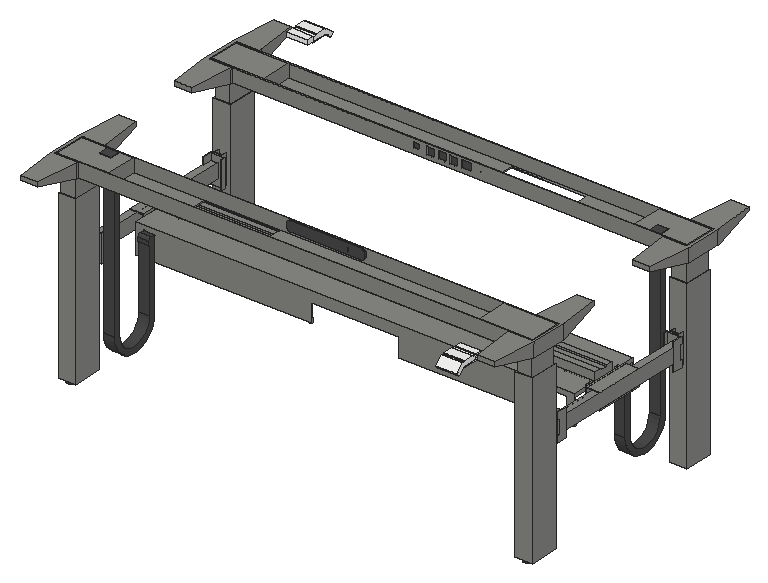
Revit family "Support-Teknion-HNBFNA_Navigate_Frame-R2016", category Furniture, Revit 2016 (continued)
Dimensions and locks (in)
  aligned and locked: curve 449 to cut or joined group of Sweep 74, Sweep 75
  aligned and locked: curve 450 to Sweep 73
  aligned and locked: curve 451 to Sweep 73
  aligned and locked: curve 452 to Sweep 73
  aligned and locked: curve 453 to Sweep 73
  aligned and locked: curve 454 to Sweep 73
  aligned and locked: curve 455 to Sweep 73
  aligned and locked: curve 456 to Sweep 73
  aligned and locked: curve 457 to Sweep 81
  aligned and locked: curve 458 to Sweep 81
  aligned and locked: curve 459 to Sweep 81
  aligned and locked: curve 460 to Sweep 81
  aligned and locked: curve 461 to Sweep 81
  aligned and locked: curve 462 to Sweep 81
  aligned and locked: curve 463 to Sweep 81
  aligned and locked: curve 464 to cut or joined group of Sweep 76, Sweep 77, Sweep 78, Sweep 79, Sweep 80
  aligned and locked: curve 465 to cut or joined group of Sweep 76, Sweep 77, Sweep 78, Sweep 79, Sweep 80
  aligned and locked: curve 466 to cut or joined group of Sweep 76, Sweep 77, Sweep 78, Sweep 79, Sweep 80
  aligned and locked: curve 467 to cut or joined group of Sweep 76, Sweep 77, Sweep 78, Sweep 79, Sweep 80
  aligned and locked: curve 468 to cut or joined group of Sweep 76, Sweep 77, Sweep 78, Sweep 79, Sweep 80
  aligned and locked: curve 469 to cut or joined group of Sweep 76, Sweep 77, Sweep 78, Sweep 79, Sweep 80
  aligned and locked: curve 470 to cut or joined group of Sweep 76, Sweep 77, Sweep 78, Sweep 79, Sweep 80
  aligned and locked: curve 471 to cut or joined group of Sweep 76, Sweep 77, Sweep 78, Sweep 79, Sweep 80
  aligned and locked: curve 472 to cut or joined group of Sweep 76, Sweep 77, Sweep 78, Sweep 79, Sweep 80
  aligned and locked: cut or joined group of Sweep 76, Sweep 77, Sweep 78, Sweep 79, Sweep 80 to curve 473
  aligned and locked: curve 474 to cut or joined group of Sweep 76, Sweep 77, Sweep 78, Sweep 79, Sweep 80
  aligned and locked: curve 475 to cut or joined group of Sweep 76, Sweep 77, Sweep 78, Sweep 79, Sweep 80
  aligned and locked: curve 476 to cut or joined group of Sweep 76, Sweep 77, Sweep 78, Sweep 79, Sweep 80
  aligned and locked: cut or joined group of Sweep 76, Sweep 77, Sweep 78, Sweep 79, Sweep 80 to curve 477
  aligned and locked: curve 478 to cut or joined group of Sweep 76, Sweep 77, Sweep 78, Sweep 79, Sweep 80
  aligned and locked: curve 479 to cut or joined group of Sweep 76, Sweep 77, Sweep 78, Sweep 79, Sweep 80
  aligned and locked: curve 480 to cut or joined group of Sweep 76, Sweep 77, Sweep 78, Sweep 79, Sweep 80
  aligned and locked: curve 481 to cut or joined group of Sweep 76, Sweep 77, Sweep 78, Sweep 79, Sweep 80
  aligned and locked: curve 482 to cut or joined group of Sweep 76, Sweep 77, Sweep 78, Sweep 79, Sweep 80
  aligned and locked: curve 483 to cut or joined group of Sweep 84, Sweep 85, Sweep 86, Sweep 87, Sweep 88
  aligned and locked: curve 484 to cut or joined group of Sweep 84, Sweep 85, Sweep 86, Sweep 87, Sweep 88
  aligned and locked: curve 485 to cut or joined group of Sweep 84, Sweep 85, Sweep 86, Sweep 87, Sweep 88
  aligned and locked: curve 486 to cut or joined group of Sweep 84, Sweep 85, Sweep 86, Sweep 87, Sweep 88
  aligned and locked: curve 487 to cut or joined group of Sweep 84, Sweep 85, Sweep 86, Sweep 87, Sweep 88
  aligned and locked: curve 488 to cut or joined group of Sweep 84, Sweep 85, Sweep 86, Sweep 87, Sweep 88
  aligned and locked: curve 489 to cut or joined group of Sweep 84, Sweep 85, Sweep 86, Sweep 87, Sweep 88
  aligned and locked: curve 490 to cut or joined group of Sweep 84, Sweep 85, Sweep 86, Sweep 87, Sweep 88
  aligned and locked: curve 491 to cut or joined group of Sweep 84, Sweep 85, Sweep 86, Sweep 87, Sweep 88
  aligned and locked: curve 492 to cut or joined group of Sweep 84, Sweep 85, Sweep 86, Sweep 87, Sweep 88
  aligned and locked: curve 493 to cut or joined group of Sweep 84, Sweep 85, Sweep 86, Sweep 87, Sweep 88
  aligned and locked: cut or joined group of Sweep 84, Sweep 85, Sweep 86, Sweep 87, Sweep 88 to curve 494
  aligned and locked: curve 495 to cut or joined group of Sweep 84, Sweep 85, Sweep 86, Sweep 87, Sweep 88
  aligned and locked: curve 496 to cut or joined group of Sweep 84, Sweep 85, Sweep 86, Sweep 87, Sweep 88
  aligned and locked: curve 497 to cut or joined group of Sweep 84, Sweep 85, Sweep 86, Sweep 87, Sweep 88
  aligned and locked: curve 498 to cut or joined group of Sweep 84, Sweep 85, Sweep 86, Sweep 87, Sweep 88
  aligned and locked: curve 499 to cut or joined group of Sweep 84, Sweep 85, Sweep 86, Sweep 87, Sweep 88
  aligned and locked: curve 500 to cut or joined group of Sweep 84, Sweep 85, Sweep 86, Sweep 87, Sweep 88
  aligned and locked: curve 501 to cut or joined group of Sweep 84, Sweep 85, Sweep 86, Sweep 87, Sweep 88
  aligned and locked: Sweep 89 sketch curve to plane 1 "Center Front/Back"
  aligned and locked: plane 1 "Center Front/Back" to Sweep 90 sketch curve
  aligned and locked: plane 1 "Center Front/Back" to Sweep 91 sketch curve
  aligned and locked: plane 1 "Center Front/Back" to Sweep 92 sketch curve
  aligned and locked: curve 502 to Sweep 90
  aligned and locked: curve 503 to Sweep 90
  aligned and locked: curve 504 to Sweep 90
  aligned and locked: curve 505 to Sweep 90
  aligned and locked: curve 506 to Sweep 92
  aligned and locked: curve 507 to Sweep 92
  aligned and locked: curve 508 to Sweep 92
  aligned and locked: curve 509 to Sweep 92
  aligned and locked: curve 510 to Sweep 89
  aligned and locked: curve 511 to Sweep 89
  aligned and locked: curve 512 to Sweep 89
  aligned and locked: curve 513 to Sweep 89
  aligned and locked: curve 514 to Sweep 91
  aligned and locked: curve 515 to Sweep 91
  aligned and locked: curve 516 to Sweep 91
  aligned and locked: curve 517 to Sweep 91
  aligned and locked: curve 518 to Sweep 91
  aligned and locked: curve 519 to Sweep 91
  aligned and locked: curve 520 to Sweep 91
  aligned and locked: curve 521 to Sweep 92
  aligned and locked: curve 522 to Sweep 92
  aligned and locked: curve 523 to Sweep 92
  aligned and locked: curve 524 to Sweep 90
  aligned and locked: curve 525 to Sweep 90
  aligned and locked: curve 526 to Sweep 90
  aligned and locked: curve 527 to Sweep 89
  aligned and locked: curve 528 to Sweep 89
  aligned and locked: curve 529 to Sweep 89
  aligned and locked: curve 531 to plane 17 "RIGHT Reference for Frame Run"
Automatic sketch dimensions
  Sweep 16 sketch curve to plane 3 "Center Left/Right" = 0.000"
  plane 1 "Center Front/Back" to Sweep 24 sketch curve = 0.000"
  Sweep 24 sketch curve to Sweep 24 sketch curve = 0.70079"
  Sweep 24 sketch curve to Sweep 24 sketch curve = 0.13841"
  Sweep 29 sketch curve to Sweep 29 sketch curve = 1.08982"
  Sweep 29 sketch curve to profile plane = 1.46143"
  Sweep 29 sketch curve to Sweep 29 sketch curve = 1.07768"
  level to Sweep 29 sketch curve = 13.9218"
  Sweep 29 sketch curve to Sweep 29 sketch curve = 0.520"  (x2)
  Sweep 29 sketch curve to Sweep 29 sketch curve = 1.245"
  profile plane to Sweep 29 sketch curve = 1.46143"
  Sweep 29 sketch curve to Sweep 29 sketch curve = 0.11107"  (x2)
  Sweep 29 sketch curve to Sweep 29 sketch curve = 0.105"  (x2)
  plane 1 "Center Front/Back" to Sweep 69 sketch curve = 0.000"
  Sweep 71 sketch curve to Sweep 71 sketch curve = 0.12499"  (x2)
  Sweep 72 sketch curve to Sweep 72 sketch curve = 0.12499"  (x2)
  plane 10 to Sweep 87 sketch curve = 33.1485"
  curve 215 to curve 128 = 0.000"
  curve 318 to curve 302 = 0.010"
  curve 339 to curve 55 = 0.000"
  curve 332 to curve 62 = 0.000"
  curve 335 to curve 62 = 0.000"
  curve 336 to curve 54 = 0.000"
  curve 372 to curve 81 = 0.000"
  curve 358 to curve 71 = 0.000"
  plane 7 "Front" to curve 118 = 0.96736"
  plane 7 "Front" to curve 116 = 0.96736"
  curve 248 to curve 310 = 0.09982"
  curve 373 to curve 354 = 0.125"
  curve 13 to curve 13 = 0.18986"
  curve 12 to curve 11 = 0.03625"
  plane 6 "Back" to curve 113 = 0.96736"
  plane 6 "Back" to curve 115 = 0.96736"
  curve 502 to curve 260 = 0.54641"
  curve 503 to curve 505 = 0.01823"
  curve 511 to curve 510 = 0.01823"
  curve 511 to curve 512 = 0.01823"
  curve 272 to curve 515 = 0.54641"
  curve 516 to curve 514 = 0.01823"
  curve 530 to plane 16 "LEFT Reference for Frame Run" = 0.000"
  plane 7 "Front" to curve 530 = 3.7145"
  plane 7 "Front" to curve 531 = 4.07871"
  plane 6 "Back" to curve 531 = 3.35029"
  plane 6 "Back" to curve 530 = 3.7145"
  radius of Sweep 22 sketch curve = 0.59447"  (x4)
Types (4): name | Outer Leg Layer Height | Not Extend Electrics Extended | Model | Description | Available Heights | Extended Electrics Extended | Extended Electrics Restricted | Standard Electric
  (no name) | 22.736" | yes | "HNBFNA7S_" | "Navigate Frame, Standard Electric" | "27 Inches to 43 Inches" | no | no | yes
  Standard Electric (27" - 43") | 22.736" | yes | "HNBFNA7S_" | "Navigate Frame, Standard Electric" | "27 Inches to 43 Inches" | no | no | yes
  Extended Electrics-Restricted (25" - 48.7") | 22.736" | yes | "HNBFNA9C_" | "Navigate Frame, Extended Electrics-Restricted" | "25 Inches to 48.7 Inches" | no | yes | no
  Extended Electrics-Exteneded (22.6" - 48.7") | 17.953" | no | "HNBFNA9E_" | "Navigate Frame, Extended Electrics-Extended" | "22.6 Inches to 48.7 Inches" | yes | no | no
